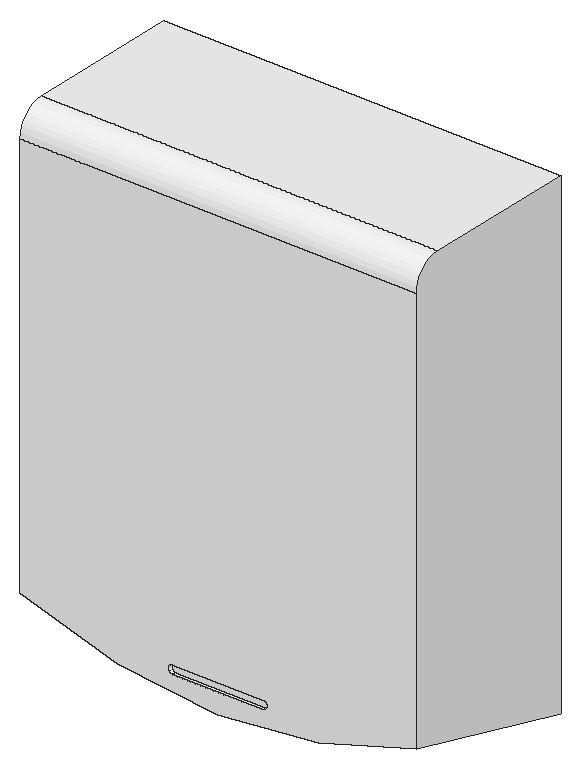
Revit family "Hand Dryer_Metlam_Eclipse", category Specialty Equipment, Revit 2016
Family settings
  Part Type = Normal
  Round Connector Dimension = Use Diameter
  OmniClass Number = 23.40.20.21.14
  OmniClass Title = Hand and Hair Dryers
  Work Plane-Based = No
  Always vertical = Yes
  Cut with Voids When Loaded = No
  Shared = No
  Room Calculation Point = Yes
Parameters (values of type "White 220w x 100d x 288h (ML_ECLIPSE01_WHT)")
  Voltage = 240 V
  URL = "http://www.metlam.com.au/"
  Type Comments = "Hand Dryers"  # constant formula
  Model = "ML_ECLIPSE01_WHT"
  Material_ANZRS = z_Metlam_White
  Manufacturer_URL__Product Specific = "https://metlam.com.au/product/content/hand-dryers/ML_ECLIPSE01_WHT"
  Manufacturer_Spec Code = Model  # "ML_ECLIPSE01_WHT"
  Manufacturer_Overall Width = 220 mm  # constant formula
  Manufacturer_Overall Height = 287.9 mm  # constant formula
  Manufacturer_Overall Depth = 100 mm  # constant formula
  Manufacturer_Height From FFL [instance] = 1100 mm
  Manufacturer = "Metlam"  # constant formula
  Description = "Auto Operation Hand Dryer"  # constant formula
  CreatedBy_ANZRS = "IGS BIM Solutions"  # constant formula
  CreatedByURL_ANZRS = "http://www.igsgroup.com.au/"
  Assembly Code = ""
Types (2, lengths in mm): name | Model | Material_ANZRS | Manufacturer_URL__Product Specific | Manufacturer_Spec Code
  Satin 220w x 100d x 288h (ML_ECLIPSE05_SS) | "ML_ECLIPSE05_SS" | z_Metlam_Metal_Stainless Steel_Satin | "https://metlam.com.au/product/content/hand-dryers/ML_ECLIPSE05_SS" | "ML_ECLIPSE05_SS"
  White 220w x 100d x 288h (ML_ECLIPSE01_WHT) | "ML_ECLIPSE01_WHT" | z_Metlam_White | "https://metlam.com.au/product/content/hand-dryers/ML_ECLIPSE01_WHT" | "ML_ECLIPSE01_WHT"
Reference planes
  plane 1 "Back": y = 0
  plane 2 "Ref. Level": z = 0
  plane 3 "Center (Left/Right)": x = 0
  plane 4 "Right": x = 110
  plane 5 "Left": x = -110
  plane 6 "Bottom": z = 1100
  plane 7 "Top": z = 1387.9
  plane 8 "Front": y = -100
Forms (mm)
  Extrusion 1, solid, material "z_Metlam_White" <- "Material_ANZRS"
    sketch origin (0, 0, 0) x (0, 1, 0) y (0, 0, 1)
      loop
        line (0, 1387.9) -> (-85, 1387.9)
        arc (-85, 1387.9) -> (-95.607, 1383.507) -> (-100, 1372.9) r 15
        line (-100, 1372.9) -> (0, 1372.9) -> (0, 1387.9)
    from -110 to 110
  Blend 2, solid, material "z_Metlam_White" <- "Material_ANZRS"
    base sketch origin (0, 0, 0) x (1, 0, 0) y (0, 0, 1)
      loop
        line (-110, 1372.9) -> (-110, 1120)
        arc (-110, 1120) -> (0, 1100) -> (110, 1120) r 312.5
        line (110, 1120) -> (110, 1372.9) -> (-110, 1372.9)
    top sketch origin (0, -100, 0) x (-1, 0, 0) y (0, 0, -1)
      loop
        line (110, -1372.9) -> (110, -1146.876)
        arc (110, -1146.876) -> (0, -1125) -> (-110, -1146.876) r 287.5
        line (-110, -1146.876) -> (-110, -1372.9) -> (110, -1372.9)
    from 0 to 0
  Extrusion 3, void
    sketch origin (0, -100, 0) x (-1, 0, 0) y (0, 0, -1)
      loop
        arc (25, -1136.128) -> (0, -1135) -> (-25, -1136.128) r 277.5
        arc (-25, -1136.128) -> (-27.51, -1138.639) -> (-25, -1141.149) r 2.51
        arc (-25, -1141.149) -> (0, -1140) -> (25, -1141.149) r 272.5
        arc (25, -1141.149) -> (27.51, -1138.639) -> (25, -1136.128) r 2.51
    from 0 to -2
  Extrusion 4, void
    sketch origin (0, 0, 1100) x (0, 0.970143, -0.242536) y (1, 0, 0)
      loop
        circle (-18, -54) r 8
      loop
        circle (-18, 54) r 8
    from -10 to -2
  Extrusion 5, void
    sketch origin (0, 0, 1100) x (0, 0.970143, -0.242536) y (1, 0, 0)
      loop
        arc (-30.691, -1.5) -> (-29.191, 0) -> (-30.691, 1.5) r 1.5
        line (-30.691, 1.5) -> (-52.691, 1.5)
        arc (-52.691, 1.5) -> (-54.191, 0) -> (-52.691, -1.5) r 1.5
        line (-52.691, -1.5) -> (-30.691, -1.5)
      loop
        arc (-30.691, -6.5) -> (-29.191, -5) -> (-30.691, -3.5) r 1.5
        line (-30.691, -3.5) -> (-52.691, -3.5)
        arc (-52.691, -3.5) -> (-54.191, -5) -> (-52.691, -6.5) r 1.5
        line (-52.691, -6.5) -> (-30.691, -6.5)
      loop
        arc (-30.691, -11.5) -> (-29.191, -10) -> (-30.691, -8.5) r 1.5
        line (-30.691, -8.5) -> (-52.691, -8.5)
        arc (-52.691, -8.5) -> (-54.191, -10) -> (-52.691, -11.5) r 1.5
        line (-52.691, -11.5) -> (-30.691, -11.5)
      loop
        arc (-30.691, -16.5) -> (-29.191, -15) -> (-30.691, -13.5) r 1.5
        line (-30.691, -13.5) -> (-52.691, -13.5)
        arc (-52.691, -13.5) -> (-54.191, -15) -> (-52.691, -16.5) r 1.5
        line (-52.691, -16.5) -> (-30.691, -16.5)
      loop
        arc (-30.691, -21.5) -> (-29.191, -20) -> (-30.691, -18.5) r 1.5
        line (-30.691, -18.5) -> (-52.691, -18.5)
        arc (-52.691, -18.5) -> (-54.191, -20) -> (-52.691, -21.5) r 1.5
        line (-52.691, -21.5) -> (-30.691, -21.5)
      loop
        arc (-30.691, -26.5) -> (-29.191, -25) -> (-30.691, -23.5) r 1.5
        line (-30.691, -23.5) -> (-52.691, -23.5)
        arc (-52.691, -23.5) -> (-54.191, -25) -> (-52.691, -26.5) r 1.5
        line (-52.691, -26.5) -> (-30.691, -26.5)
      loop
        line (-30.691, 6.5) -> (-52.691, 6.5)
        arc (-52.691, 6.5) -> (-54.191, 5) -> (-52.691, 3.5) r 1.5
        line (-52.691, 3.5) -> (-30.691, 3.5)
        arc (-30.691, 3.5) -> (-29.191, 5) -> (-30.691, 6.5) r 1.5
      loop
        line (-30.691, 11.5) -> (-52.691, 11.5)
        arc (-52.691, 11.5) -> (-54.191, 10) -> (-52.691, 8.5) r 1.5
        line (-52.691, 8.5) -> (-30.691, 8.5)
        arc (-30.691, 8.5) -> (-29.191, 10) -> (-30.691, 11.5) r 1.5
      loop
        line (-30.691, 16.5) -> (-52.691, 16.5)
        arc (-52.691, 16.5) -> (-54.191, 15) -> (-52.691, 13.5) r 1.5
        line (-52.691, 13.5) -> (-30.691, 13.5)
        arc (-30.691, 13.5) -> (-29.191, 15) -> (-30.691, 16.5) r 1.5
      loop
        line (-30.691, 21.5) -> (-52.691, 21.5)
        arc (-52.691, 21.5) -> (-54.191, 20) -> (-52.691, 18.5) r 1.5
        line (-52.691, 18.5) -> (-30.691, 18.5)
        arc (-30.691, 18.5) -> (-29.191, 20) -> (-30.691, 21.5) r 1.5
      loop
        line (-30.691, 26.5) -> (-52.691, 26.5)
        arc (-52.691, 26.5) -> (-54.191, 25) -> (-52.691, 23.5) r 1.5
        line (-52.691, 23.5) -> (-30.691, 23.5)
        arc (-30.691, 23.5) -> (-29.191, 25) -> (-30.691, 26.5) r 1.5
      loop
        line (-88.578, 10) -> (-88.578, -10) -> (-84.578, -10) -> (-84.578, 10) -> (-88.578, 10)
      loop
        line (-92.078, -5) -> (-97.078, -5) -> (-97.078, -30) -> (-92.078, -30) -> (-92.078, -5)
      loop
        line (-92.078, 5) -> (-92.078, 30) -> (-97.078, 30) -> (-97.078, 5) -> (-92.078, 5)
    from 2 to -2
  Extrusion 6, solid, material "z_Metlam_White" <- "Material_ANZRS"
    sketch origin (0, 0, 1100) x (-1, 0, 0) y (0, -1, 0)
      loop
        line (-40.126, 2) -> (-32.626, 2) -> (-32.626, 8.25)
        arc (-32.626, 8.25) -> (-36.376, 12) -> (-40.126, 8.25) r 3.75
        line (-40.126, 8.25) -> (-40.126, 2)
      loop
        line (-41.126, 1) -> (-31.626, 1) -> (-31.626, 8.25)
        arc (-31.626, 8.25) -> (-36.376, 13) -> (-41.126, 8.25) r 4.75
        line (-41.126, 8.25) -> (-41.126, 1)
    from 1.86 to 10
Cuts and joins
  Extrusion 3 cuts Extrusion 1
  Extrusion 3, Extrusion 4, Extrusion 5 cuts Blend 2
  joined: Extrusion 1, Blend 2, Extrusion 6
Lines and regions (mm)
  Masking region 1
    outline origin (0, 0, 1387.9) x (-1, 0, 0) y (0, -1, 0)
      loop
        line (110, 0) -> (110, 100) -> (-110, 100) -> (-110, 0) -> (110, 0)
  reference lines
    curve 1: line (0, 0, 1100) -> (0, -100, 1125)
  model lines, style "InvisibleLines"
    curve 2: line (0, 0, 1387.9) -> (0, 0, 0)
Text (mm)
  text "> Contact Manufacturer to confirm feasibility of design variations outside the scope of this Revit Family\n\n\n\nDisclaimer:\n\nDue to ongoing product development and manufacturing evolution, product details are subject to change without notice. Please refer to product technical data sheets on the manufacturer’s website for the most current product information. Please allow a +/- 5mm manufacturing tolerance for dimensions and set-outs shown in product literature." at (694.123, 193.932, 0), in view "Ref. Level_Instruction"
Dimensions and locks
  "Manufacturer_Height From FFL": plane 6 "Bottom" to plane 2 "Ref. Level"
  "Manufacturer_Overall Height": plane 7 "Top" to plane 6 "Bottom"
  "Manufacturer_Overall Width": plane 5 "Left" to plane 4 "Right"
  "Manufacturer_Overall Depth": plane 8 "Front" to plane 1 "Back"
  equal spacing: plane 5 "Left", plane 3 "Center (Left/Right)", plane 4 "Right"
  radius of Extrusion 1 sketch curve = 15 mm
  aligned and locked: level to plane 2 "Ref. Level"
  aligned and locked: Extrusion 1 to plane 1 "Back"
  aligned and locked: plane 7 "Top" to Extrusion 1
  aligned and locked: Extrusion 1 to plane 5 "Left"
  aligned and locked: Extrusion 1 to plane 4 "Right"
  aligned and locked: plane 6 "Bottom" to curve 1
  aligned and locked: plane 1 "Back" to curve 1
  aligned and locked: plane 8 "Front" to curve 1
Automatic sketch dimensions
  Extrusion 1 sketch curve to plane 8 "Front" = 0 mm  (x2)
  Extrusion 1 sketch curve to plane 1 "Back" = 0 mm
  Extrusion 1 sketch curve to plane 7 "Top" = 0 mm
  Extrusion 1 sketch curve to plane 7 "Top" = 15 mm
  Blend 2 sketch curve to plane 5 "Left" = 0 mm  (x2)
  Blend 2 sketch curve to plane 3 "Center (Left/Right)" = 0 mm  (x2)
  plane 4 "Right" to Blend 2 sketch curve = 0 mm  (x2)
  plane 6 "Bottom" to Blend 2 sketch curve = 20 mm
  Blend 2 sketch curve to plane 7 "Top" = 15 mm
  plane 7 "Top" to Blend 2 sketch curve = 24.6 mm
  Blend 2 sketch curve to plane 6 "Bottom" = 46.876 mm
  plane 7 "Top" to Blend 2 sketch curve = 15 mm
  Blend 2 sketch curve to plane 7 "Top" = 24.6 mm
  plane 6 "Bottom" to curve 1 = 25 mm
  Extrusion 4 sketch curve to curve 1 = 18 mm  (x2)
  Extrusion 4 sketch curve to curve 1 = 54 mm
  curve 1 to Extrusion 4 sketch curve = 54 mm
  Extrusion 5 sketch curve to curve 1 = 0 mm
  curve 1 to Extrusion 5 sketch curve = 6 mm  (x2)
  Extrusion 5 sketch curve to Extrusion 5 sketch curve = 5 mm  (x4)
  Extrusion 5 sketch curve to Extrusion 5 sketch curve = 3.5 mm
  Extrusion 5 sketch curve to Extrusion 5 sketch curve = 4 mm
  Extrusion 5 sketch curve to Extrusion 5 sketch curve = 31.887 mm
  Extrusion 5 sketch curve to Extrusion 5 sketch curve = 0 mm  (x19)
  Extrusion 5 sketch curve to Extrusion 5 sketch curve = 22 mm  (x2)
  Extrusion 5 sketch curve to curve 1 = 1.5 mm
  Extrusion 5 sketch curve to Extrusion 5 sketch curve = 2 mm  (x10)
  Extrusion 5 sketch curve to Extrusion 5 sketch curve = 1.5 mm  (x10)
  Extrusion 5 sketch curve to curve 1 = 5 mm
  Extrusion 5 sketch curve to curve 1 = 30 mm
  curve 1 to Extrusion 5 sketch curve = 5 mm
  curve 1 to Extrusion 5 sketch curve = 30 mm
  Extrusion 3 sketch curve to Extrusion 3 sketch curve = 0 mm  (x2)
  Extrusion 3 sketch curve to plane 3 "Center (Left/Right)" = 0 mm
  Extrusion 3 sketch curve to plane 7 "Top" = 24.6 mm
  Extrusion 3 sketch curve to plane 3 "Center (Left/Right)" = 25 mm
  plane 3 "Center (Left/Right)" to Extrusion 3 sketch curve = 25 mm
  Extrusion 3 sketch curve to plane 6 "Bottom" = 38.639 mm
  Extrusion 3 sketch curve to Extrusion 3 sketch curve = 2.51 mm
  Masking region 1 sketch curve to plane 4 "Right" = 0 mm
  Masking region 1 sketch curve to plane 5 "Left" = 0 mm
  plane 1 "Back" to Masking region 1 sketch curve = 0 mm
  plane 8 "Front" to Masking region 1 sketch curve = 0 mm
  plane 3 "Center (Left/Right)" to Extrusion 6 sketch curve = 40.126 mm
  Extrusion 6 sketch curve to Extrusion 6 sketch curve = 3.75 mm
  Extrusion 6 sketch curve to plane 8 "Front" = 98 mm
  Extrusion 6 sketch curve to Extrusion 6 sketch curve = 6.25 mm
  Extrusion 6 sketch curve to Extrusion 6 sketch curve = 1 mm  (x2)
  Extrusion 6 sketch curve to Extrusion 6 sketch curve = 0 mm  (x2)
  curve 2 to level = 0 mm
  plane 3 "Center (Left/Right)" to curve 2 = 0 mm
  curve 2 to plane 7 "Top" = 0 mm
  radius of Extrusion 4 sketch curve = 8 mm  (x2)
Connectors
  electrical at (36.376, -5.125, 1101.86), driven by "Voltage"
    settings: on cut or joined group of Extrusion 1, Blend 2, Extrusion 3, Extrusion 4, Extrusion 5, Extrusion 6, index 1, voltage 240 V, apparent load 0 VA, apparent load phase1 0 VA, apparent load phase2 0 VA, apparent load phase3 0 VA, power factor 1, load classification "Power", number of poles 1, system type 30, power factor state 1, is connector primary yes, connector utility no, sub classification motor no, connector description "Power"
